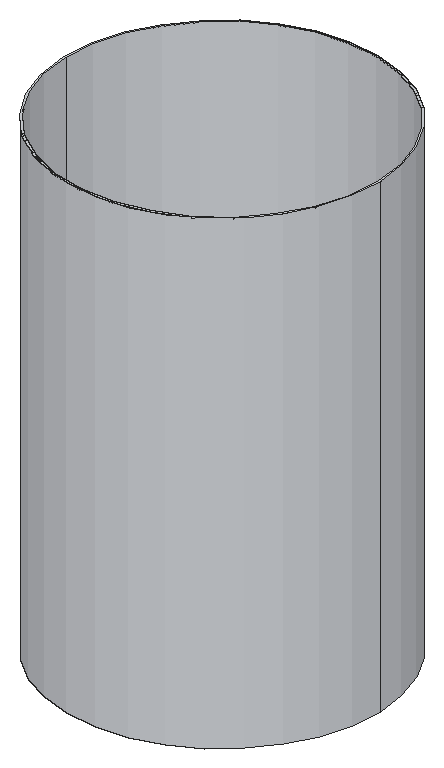
Revit family "ADR-10D SLEEVE CUTOUT-", category Plumbing Equipment, host Face, Revit 2024
Family settings
  Host = Face
  Round Connector Dimension = Use Diameter
  Classification = None
  Part Type = Normal
  OmniClass Number = 23.30.40.17
  OmniClass Title = Specialties for Openings
  Cut with Voids When Loaded = Yes
  Maintain Annotation Orientation = No
  Shared = No
  Room Calculation Point = No
Parameters (values of type "200Ø")
  Radius [instance] = Outer Diameter / 2  # 100 mm
  Inner Diameter [instance] = Outer Diameter - 2 mm  # 198 mm
  H [instance] = Outer Diameter / 2  # 100 mm
  Outer Diameter [instance] = 200 mm
  Length [instance] = 300 mm
  Default Elevation = 1219.2 mm
  D [instance] = -Length  # -300 mm
Types (12, lengths in mm): name | Radius | Inner Diameter | H | Outer Diameter | Length | D
  100Ø | 50 | 98 | 50 | 100 | 300 | -300
  200Ø | 100 | 198 | 100 | 200 | 300 | -300
  250Ø | 125 | 248 | 125 | 250 | 300 | -300
  110Ø | 55 | 108 | 55 | 110 | 300 | -300
  75Ø | 37.5 | 73 | 37.5 | 75 | 396.184 | -396.184
  150Ø | 75 | 148 | 75 | 150 | 300 | -300
  350Ø | 175 | 348 | 175 | 350 | 300 | -300
  300Ø | 150 | 298 | 150 | 300 | 300 | -300
  80Ø | 40 | 78 | 40 | 80 | 396.184 | -396.184
  50Ø | 25 | 48 | 25 | 50 | 396.184 | -396.184
  175 | 87.5 | 173 | 87.5 | 175 | 300 | -300
  160Ø | 80 | 158 | 80 | 160 | 300 | -300
Reference planes
  plane 1 "Center (Front/Back)": y = 0
  plane 2: z = 0
  plane 3 "Center (Left/Right)": x = 0
  plane 4: z = -300
  plane 5: through (0, 0, 1219.2) normal (-0.7071, 0.7071, 0)
  plane 6: through (0, 0, 1219.2) normal (-0.7071, -0.7071, 0)
Forms (mm)
  Extrusion 1, void
    sketch origin (0, 0, 0) x (1, 0, 0) y (0, 1, 0)
      loop
        circle (0, 0) r 100
    from 0 to -300
  Extrusion 2, void
    sketch origin (-803.328, -5279.633, -300) x (-1, 0, 0) y (0, -1, 0)
      loop
        circle (-803.328, -5279.633) r 100
      loop
        circle (-803.328, -5279.633) r 99
    from 0 to 300
  Extrusion 3, solid
    sketch origin (-1631.705, -4572, -300) x (-1, 0, 0) y (0, -1, 0)
      loop
        circle (-1631.705, -4572) r 100
      loop
        circle (-1631.705, -4572) r 99
    from 0 to 300
Lines and regions (mm)
  symbolic lines
    curve 1: line (-100, 0, 0) -> (100, 0, 0)
    curve 2: line (100, 0, -300) -> (-100, 0, -300)
    curve 3: line (-100, 0, 0) -> (100, 0, -300)
    curve 4: line (-100, 0, -300) -> (100, 0, 0)
    curve 5: line (-385.332, 76.628, 0) -> (-385.544, 76.479, 0)
    curve 6: line (-386.426, 75.85, 0) -> (-384.512, 77.198, 0)
Dimensions and locks
  "Length": level to plane 4
  "Outer Diameter": diameter of Extrusion 1 sketch curve
  "Inner Diameter": diameter of Extrusion 2 sketch curve
  "Outer Diameter": diameter of Extrusion 2 sketch curve
  aligned and locked: plane 2 to host face
  aligned and locked: level to host face
  aligned and locked: Extrusion 1 to host face
  aligned and locked: curve 1 to host face
  aligned and locked: plane 4 to curve 2
  aligned and locked: level to Extrusion 2
  aligned and locked: Extrusion 2 to plane 4
  aligned and locked: Extrusion 3 sketch curve to Extrusion 2  (x4)
  aligned and locked: level to Extrusion 3
  aligned and locked: Extrusion 3 to plane 4
Automatic sketch dimensions
  host sketch curve to host sketch curve = 2438.4 mm  (x2)
  plane 1 "Center (Front/Back)" to Extrusion 1 sketch curve = 0 mm
  Extrusion 1 sketch curve to plane 3 "Center (Left/Right)" = 0 mm
  curve 6 to plane 1 "Center (Front/Back)" = 75.85 mm
  curve 6 to plane 1 "Center (Front/Back)" = 77.198 mm
  curve 6 to curve 5 = 0.882 mm
  curve 5 to curve 5 = 0.212 mm
  curve 6 to plane 3 "Center (Left/Right)" = 386.426 mm
  curve 5 to curve 6 = 0.82 mm
  curve 6 to curve 5 = 0.63 mm
  curve 5 to curve 5 = 0.149 mm
  Extrusion 2 sketch curve to Extrusion 2 sketch curve = 0 mm  (x2)
  Extrusion 2 sketch curve to plane 3 "Center (Left/Right)" = 0 mm
  Extrusion 2 sketch curve to plane 1 "Center (Front/Back)" = 0 mm
  curve 4 to plane 3 "Center (Left/Right)" = 100 mm
  curve 3 to plane 3 "Center (Left/Right)" = 100 mm
  plane 3 "Center (Left/Right)" to curve 3 = 100 mm
  plane 3 "Center (Left/Right)" to curve 4 = 100 mm
